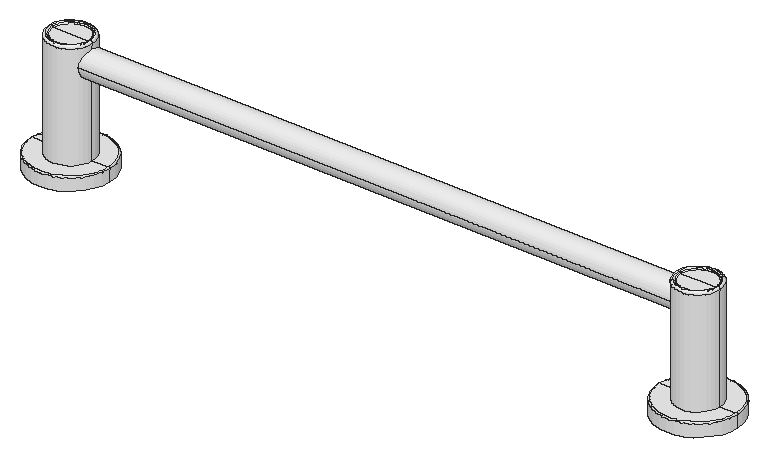
Revit family "Towel_Bar-DXV-Percy-D35105240_Series", category Specialty Equipment, host Face, Revit 2014
Parameters (values of type "D35105180.100")
  Width = 18"
  Warranty Documentation Link = "https://www.dxv.com/-/media/files/dxv/warranty/dxv_warranty_booklet.ashx"
  URL = "http://www.dxv.com/"
  Type Comments = ""
  Product Page URL = "https://www.dxv.com/product/percy-18-inch-towel-bar-projects-model"
  Product Documentation Link = "https://dxv01.blob.core.windows.net/dxv-product-pdf-files/spec_D35105240_DXV_Percy_towelbar_EN.pdf"
  Price = "Prices may vary. Please consult Manufacturer Representative for most up-to-date price list."  # constant formula
  Model = "D35105180.100"
  Material = "Brass-DXV-100-Polished Chrome"
  Manufacturer = "DXV"  # constant formula
  Length = 3 7/16"
  Installation Type = "Surface Mounted"  # constant formula
  Height = 2 1/4"
  Finish = Brass-DXV-100-Polished Chrome
  Description = "Percy 18\" Towl Bar"
  Default Elevation = 40"
  Creation Date = "12/20/2018"  # constant formula
  Assembly Code = "C1030200"
Types (7): name | Width | Product Page URL | Product Documentation Link | Model | Material | Finish | Description
  (no name) | 18" | "https://www.dxv.com/product/percy-18-inch-towel-bar-projects-model" | "https://dxv01.blob.core.windows.net/dxv-product-pdf-files/spec_D35105240_DXV_Percy_towelbar_EN.pdf" | "D35105180.100" | "Brass-DXV-100-Polished Chrome" | Brass-DXV-100-Polished Chrome | "Percy 18\" Towl Bar"
  D35105240.100 | 24" | "http://www.dxv.com/product/percy-24-inch-towel-bar-by-dxv" | "http://dxv01.blob.core.windows.net/dxv-product-pdf-files/DXV_D35105240_Percy_towel_bar_spec_en.pdf" | "D35105240.100" | "Brass-DXV-100-Polished Chrome" | Brass-DXV-100-Polished Chrome | "Percy 24\" Towl Bar"
  D35105240.144 | 24" | "http://www.dxv.com/product/percy-24-inch-towel-bar-by-dxv" | "http://dxv01.blob.core.windows.net/dxv-product-pdf-files/DXV_D35105240_Percy_towel_bar_spec_en.pdf" | "D35105240.144" | "Brass-DXV-144-Brushed Nickel" | Brass-DXV-144-Brushed Nickel | "Percy 24\" Towl Bar"
  D35105180.100 | 18" | "https://www.dxv.com/product/percy-18-inch-towel-bar-projects-model" | "https://dxv01.blob.core.windows.net/dxv-product-pdf-files/spec_D35105240_DXV_Percy_towelbar_EN.pdf" | "D35105180.100" | "Brass-DXV-100-Polished Chrome" | Brass-DXV-100-Polished Chrome | "Percy 18\" Towl Bar"
  D35105180.144 | 18" | "https://www.dxv.com/product/percy-18-inch-towel-bar-projects-model" | "https://dxv01.blob.core.windows.net/dxv-product-pdf-files/spec_D35105240_DXV_Percy_towelbar_EN.pdf" | "D35105180.144" | "Brass-DXV-144-Brushed Nickel" | Brass-DXV-144-Brushed Nickel | "Percy 18\" Towl Bar"
  D35105120.100 | 12" | "https://www.dxv.com/product/percy-18-inch-towel-bar-projects-model" | "https://dxv01.blob.core.windows.net/dxv-product-pdf-files/spec_D35105240_DXV_Percy_towelbar_EN.pdf" | "D35105120.100" | "Brass-DXV-100-Polished Chrome" | Brass-DXV-100-Polished Chrome | "Percy 12\" Towl Bar"
  D35105120.144 | 12" | "https://www.dxv.com/product/percy-18-inch-towel-bar-projects-model" | "https://dxv01.blob.core.windows.net/dxv-product-pdf-files/spec_D35105240_DXV_Percy_towelbar_EN.pdf" | "D35105120.144" | "Brass-DXV-144-Brushed Nickel" | Brass-DXV-144-Brushed Nickel | "Percy 12\" Towl Bar"
Reference planes (in)
  plane 1 "Center (Front/Back)": y = 0
  plane 2: z = 0
  plane 3 "Center (Left/Right)": x = 0
  plane 4: x = -9
  plane 5: x = 9
  plane 6: x = -10.125
  plane 7: x = 10.125
  plane 8: z = 2.875
  plane 9: z = 3.4375
  plane 10: y = 1.125
  plane 11: y = -1.125
Forms (in)
  Revolve 1, solid, material "Brass-DXV-100-Polished Chrome" <- "Finish"
    sketch origin (0, 0, 0) x (1, 0, 0) y (0, 0, 1)
      loop
        line (9, 0) -> (10.125, 0) -> (10.125, 0.34375)
        arc (10.125, 0.34375) -> (10.11585, 0.36585) -> (10.09375, 0.375) r 0.03125
        line (10.09375, 0.375) -> (9.625, 0.375) -> (9.625, 3.375)
        arc (9.625, 3.375) -> (9.60669, 3.41919) -> (9.5625, 3.4375) r 0.0625
        arc (9.5625, 3.4375) -> (9.54496, 3.43326) -> (9.5313, 3.42146) r 0.03837
        arc (9.5313, 3.42146) -> (9.51834, 3.41028) -> (9.50171, 3.40625) r 0.03639
        line (9.50171, 3.40625) -> (9, 3.40625) -> (9, 0)
      axis (9, 0) -> (9, 3.4375)
    angle from 0 to 360
  Revolve 2, solid, material "Brass-DXV-100-Polished Chrome" <- "Finish"
    sketch origin (0, 0, 0) x (-1, 0, 0) y (0, 0, 1)
      loop
        line (9, 0) -> (10.125, 0) -> (10.125, 0.34375)
        arc (10.125, 0.34375) -> (10.11585, 0.36585) -> (10.09375, 0.375) r 0.03125
        line (10.09375, 0.375) -> (9.625, 0.375) -> (9.625, 3.375)
        arc (9.625, 3.375) -> (9.60669, 3.41919) -> (9.5625, 3.4375) r 0.0625
        arc (9.5625, 3.4375) -> (9.54496, 3.43326) -> (9.5313, 3.42146) r 0.03837
        arc (9.5313, 3.42146) -> (9.51834, 3.41028) -> (9.50171, 3.40625) r 0.03639
        line (9.50171, 3.40625) -> (9, 3.40625) -> (9, 0)
      axis (9, 0) -> (9, 3.4375)
    angle from 0 to 360
  Extrusion 3, solid, material "Brass-DXV-100-Polished Chrome" <- "Finish"
    sketch origin (0, 0, 0) x (0, 1, 0) y (0, 0, 1)
      loop
        circle (0, 2.875) r 0.375
    from -9 to 9
Cuts and joins
  joined: Revolve 1, Revolve 2, Extrusion 3
Lines and regions (in)
  Masking region 1
    outline origin (0, 0, 0) x (1, 0, 0) y (0, 0, 1)
      loop
        line (7.875, 0) -> (10.125, 0) -> (10.125, 0.34375)
        arc (10.125, 0.34375) -> (10.11585, 0.36585) -> (10.09375, 0.375) r 0.03125
        line (10.09375, 0.375) -> (9.625, 0.375) -> (9.625, 3.375)
        arc (9.625, 3.375) -> (9.60669, 3.41919) -> (9.5625, 3.4375) r 0.0625
        line (9.5625, 3.4375) -> (8.4375, 3.4375)
        arc (8.4375, 3.4375) -> (8.39331, 3.41919) -> (8.375, 3.375) r 0.0625
        line (8.375, 3.375) -> (8.375, 3.25) -> (-8.375, 3.25) -> (-8.375, 3.375)
        arc (-8.375, 3.375) -> (-8.39331, 3.41919) -> (-8.4375, 3.4375) r 0.0625
        line (-8.4375, 3.4375) -> (-9.5625, 3.4375)
        arc (-9.5625, 3.4375) -> (-9.60669, 3.41919) -> (-9.625, 3.375) r 0.0625
        line (-9.625, 3.375) -> (-9.625, 0.375) -> (-10.09375, 0.375)
        arc (-10.09375, 0.375) -> (-10.11585, 0.36585) -> (-10.125, 0.34375) r 0.03125
        line (-10.125, 0.34375) -> (-10.125, 0) -> (-7.875, 0) -> (-7.875, 0.34375)
        arc (-7.875, 0.34375) -> (-7.88415, 0.36585) -> (-7.90625, 0.375) r 0.03125
        line (-7.90625, 0.375) -> (-8.375, 0.375) -> (-8.375, 2.5) -> (8.375, 2.5) -> (8.375, 0.375) -> (7.90625, 0.375)
        arc (7.90625, 0.375) -> (7.88415, 0.36585) -> (7.875, 0.34375) r 0.03125
        line (7.875, 0.34375) -> (7.875, 0)
  symbolic lines, detail levels medium+fine
    curve 1: line (8.5, 0, 2.875) -> (8.375, 0, 2.5)
    curve 2: line (8.375, 0, 3.25) -> (8.5, 0, 2.875)
    curve 3: line (-8.5, 0, 2.875) -> (-8.375, 0, 3.25)
    curve 4: line (-8.375, 0, 2.5) -> (-8.5, 0, 2.875)
  symbolic lines, detail levels fine
    curve 5: line (-8.375, 0, 0.375) -> (-9.625, 0, 0.375)
    curve 6: line (8.375, 0, 0.375) -> (9.625, 0, 0.375)
Dimensions and locks (in)
  host face to plane 8 = 2 7/8"
  "Length": host face to plane 9
  "Height": plane 10 to plane 11
  locked: plane 4 to plane 6 at 1.125
  locked: plane 7 to plane 5 at 1.125
  "Width": plane 5 to plane 4
  equal spacing: plane 5, plane 3 "Center (Left/Right)", plane 4
  aligned and locked: plane 2 to host face
  aligned and locked: level to host face
  aligned and locked: Extrusion 3 to plane 4
  aligned and locked: plane 5 to Extrusion 3
Automatic sketch dimensions
  host sketch curve to host sketch curve = 96"  (x2)
  Revolve 1 sketch curve to plane 5 = 0"  (x2)
  Revolve 1 sketch curve to plane 9 = 0"  (x2)
  Revolve 1 sketch curve to level = 0"
  Revolve 1 sketch curve to plane 7 = 0"
  Revolve 1 sketch curve to plane 9 = 0.00514"
  plane 5 to Revolve 1 sketch curve = 0.50171"
  Revolve 1 sketch curve to Revolve 1 sketch curve = 0.06079"
  Revolve 1 sketch curve to plane 7 = 1/2"
  Revolve 1 sketch curve to plane 7 = 1/32"
  level to Revolve 1 sketch curve = 11/32"
  Revolve 1 sketch curve to Revolve 1 sketch curve = 0.02413"
  plane 9 to Revolve 1 sketch curve = 1/32"
  Revolve 1 sketch curve to Revolve 1 sketch curve = 0.00858"
  Revolve 1 sketch curve to plane 9 = 0.06215"
  Revolve 2 sketch curve to plane 4 = 0"  (x2)
  Revolve 2 sketch curve to plane 9 = 0"  (x2)
  Revolve 2 sketch curve to level = 0"
  Revolve 2 sketch curve to plane 6 = 0"
  plane 9 to Revolve 2 sketch curve = 0.00514"
  plane 4 to Revolve 2 sketch curve = 0.50171"
  Revolve 2 sketch curve to Revolve 2 sketch curve = 0.06079"
  Revolve 2 sketch curve to plane 6 = 1/2"
  Revolve 2 sketch curve to plane 6 = 1/32"
  Revolve 2 sketch curve to level = 11/32"
  Revolve 2 sketch curve to Revolve 2 sketch curve = 0.02413"
  Revolve 2 sketch curve to plane 9 = 1/32"
  Revolve 2 sketch curve to Revolve 2 sketch curve = 0.00858"
  plane 9 to Revolve 2 sketch curve = 0.06215"
  Extrusion 3 sketch curve to plane 1 "Center (Front/Back)" = 0"
  plane 8 to Extrusion 3 sketch curve = 0"
  Masking region 1 sketch curve to level = 0"  (x2)
  Masking region 1 sketch curve to plane 6 = 0"
  Masking region 1 sketch curve to plane 9 = 0"  (x2)
  Masking region 1 sketch curve to plane 7 = 0"
  plane 6 to Masking region 1 sketch curve = 1/32"
  plane 9 to Masking region 1 sketch curve = 1/16"  (x4)
  plane 6 to Masking region 1 sketch curve = 1/2"
  plane 4 to Masking region 1 sketch curve = 9/16"
  Masking region 1 sketch curve to Masking region 1 sketch curve = 15/32"  (x2)
  Masking region 1 sketch curve to Masking region 1 sketch curve = 1/32"  (x2)
  level to Masking region 1 sketch curve = 11/32"  (x4)
  Masking region 1 sketch curve to plane 5 = 1 1/8"
  plane 5 to Masking region 1 sketch curve = 9/16"
  Masking region 1 sketch curve to plane 7 = 1/32"
  plane 8 to Masking region 1 sketch curve = 3/8"
  plane 9 to Masking region 1 sketch curve = 3/16"
  Masking region 1 sketch curve to Masking region 1 sketch curve = 0"
  plane 4 to Masking region 1 sketch curve = 5/8"
  curve 4 to plane 8 = 0"
  curve 2 to plane 8 = 0"
  plane 4 to curve 4 = 1/2"
  curve 2 to plane 5 = 1/2"
  plane 6 to curve 5 = 1/2"
  plane 4 to curve 5 = 5/8"
  curve 3 to curve 4 = 1/8"
  plane 9 to curve 3 = 3/16"
  curve 3 to curve 3 = 1/8"
  curve 1 to curve 1 = 1/8"
  plane 9 to curve 2 = 3/16"
  curve 2 to curve 1 = 1/8"
  curve 6 to plane 5 = 5/8"
  curve 6 to plane 7 = 1/2"
  plane 8 to curve 4 = 3/8"
  plane 8 to curve 1 = 3/8"
  level to curve 6 = 3/8"
  level to curve 5 = 3/8"
  radius of Extrusion 3 sketch curve = 3/8"
